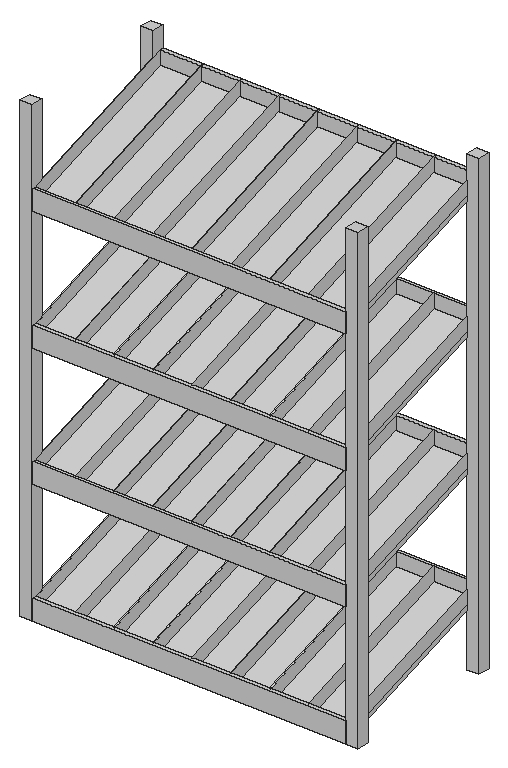
Revit family "WS38", category Specialty Equipment, Revit 2012
Parameters (values of type "Wide Span Gravity Feed (Starter)")
  URL = "http://madixinc.com/store/widespan/core.html"
  Model = "Wide Span"
  Manufacturer = "© 2012 Madix, Inc. All rights reserved."
  Gravity Feed Channels [instance] = yes
  Width = 4' - 0"
  Shelf Depth = 2' - 0"
Reference planes (in)
  plane 1 "Center (Front/Back)": y = 0
  plane 2: z = 0
  plane 3 "Center (Left/Right)": x = 0
  plane 4: x = 23.125
  plane 5: x = -23.125
  plane 6: y = 12
  plane 7: y = -12
  plane 8: x = -23.0625
  plane 9: x = -24.875
  plane 10: x = 24.875
  plane 11: x = -24
  plane 12: x = 24
Forms (in)
  Extrusion 1, solid, material "Metal - Steel"
    sketch origin (0, 0, 0) x (0, 1, 0) y (0, 0, 1)
      loop
        line (-12, 0) -> (-11.25, 0) -> (-11.25, 0.25) -> (11.75, 8.25) -> (11.75, 8) -> (12, 8) -> (12, 11) -> (11.5, 11) -> (11.5, 9) -> (-11.5, 1) -> (-11.5, 3) -> (-12, 3) -> (-12, 0)
    from -23.125 to 23.125
  Extrusion 2, solid, material "Metal - Steel"
    sketch origin (0, 0, 0) x (1, 0, 0) y (0, 1, 0)
      loop
        line (-23.125, 12) -> (-24.875, 12) -> (-24.875, 10.25) -> (-23.125, 10.25) -> (-23.125, 12)
      loop
        line (23.125, 12) -> (23.125, 10.25) -> (24.875, 10.25) -> (24.875, 12) -> (23.125, 12)
      loop
        line (-23.125, -12) -> (-23.125, -10.25) -> (-24.875, -10.25) -> (-24.875, -12) -> (-23.125, -12)
      loop
        line (23.125, -12) -> (24.875, -12) -> (24.875, -10.25) -> (23.125, -10.25) -> (23.125, -12)
    from 0 to 68
  Extrusion 3, solid, material "Metal - Steel"
    sketch origin (0, 0, 18) x (0, 1, 0) y (0, 0, 1)
      loop
        line (-12, 0) -> (-11.5, 0) -> (-11.5, 0.25) -> (11.5, 8.25) -> (11.5, 8) -> (12, 8) -> (12, 11) -> (11.5, 11) -> (11.5, 9) -> (-11.5, 1) -> (-11.5, 3) -> (-12, 3) -> (-12, 0)
    from -23.125 to 23.125
  Extrusion 4, solid, material "Metal - Steel"
    sketch origin (0, 0, 36) x (0, 1, 0) y (0, 0, 1)
      loop
        line (-12, 0) -> (-11.5, 0) -> (-11.5, 0.25) -> (11.5, 8.25) -> (11.5, 8) -> (12, 8) -> (12, 11) -> (11.5, 11) -> (11.5, 9) -> (-11.5, 1) -> (-11.5, 3) -> (-12, 3) -> (-12, 0)
    from -23.125 to 23.125
  Extrusion 5, solid, material "Metal - Steel"
    sketch origin (0, 0, 54) x (0, 1, 0) y (0, 0, 1)
      loop
        line (-12, 0) -> (-11.5, 0) -> (-11.5, 0.25) -> (11.5, 8.25) -> (11.5, 8) -> (12, 8) -> (12, 11) -> (11.5, 11) -> (11.5, 9) -> (-11.5, 1) -> (-11.5, 3) -> (-12, 3) -> (-12, 0)
    from -23.125 to 23.125
  Extrusion 6, solid, material "Metal - Steel", visible <- "Gravity Feed Channels"
    sketch origin (0, 0.25, 0) x (0, 1, 0) y (0, 0, 1)
      loop
        line (11.5, 11) -> (-11.5, 3) -> (-11.5, 1) -> (11.5, 9) -> (11.5, 11)
      loop
        line (11.5, 29) -> (-11.5, 21) -> (-11.5, 19) -> (11.5, 27) -> (11.5, 29)
      loop
        line (11.5, 47) -> (-11.5, 39) -> (-11.5, 37) -> (11.5, 45) -> (11.5, 47)
      loop
        line (11.5, 63) -> (11.5, 65) -> (-11.5, 57) -> (-11.5, 55) -> (11.5, 63)
    from -23.125 to -23.0625
  Extrusion 7, solid, material "Metal - Steel", visible <- "Gravity Feed Channels"
    sketch origin (0, 0, 0) x (0, 1, 0) y (0, 0, -1)
      loop
        line (11.5, -11) -> (11.5, -9) -> (-11.5, -1) -> (-11.5, -3) -> (11.5, -11)
      loop
        line (11.5, -29) -> (11.5, -27) -> (-11.5, -19) -> (-11.5, -21) -> (11.5, -29)
      loop
        line (11.5, -47) -> (11.5, -45) -> (-11.5, -37) -> (-11.5, -39) -> (11.5, -47)
      loop
        line (11.75, -63) -> (-11.25, -55) -> (-11.25, -57) -> (11.75, -65) -> (11.75, -63)
    from -23.125 to -23.0625
  Extrusion 8, solid, material "Metal - Steel", visible <- "Gravity Feed Channels"
    sketch origin (23.125, 0, 0) x (0, 1, 0) y (0, 0, 1)
      loop
        line (11.5, 11) -> (-11.5, 3) -> (-11.5, 1) -> (11.5, 9) -> (11.5, 11)
      loop
        line (11.5, 29) -> (-11.5, 21) -> (-11.5, 19) -> (11.5, 27) -> (11.5, 29)
      loop
        line (11.5, 47) -> (-11.5, 39) -> (-11.5, 37) -> (11.5, 45) -> (11.5, 47)
      loop
        line (11.75, 63) -> (11.75, 65) -> (-11.25, 57) -> (-11.25, 55) -> (11.75, 63)
    from -23.125 to -23.0625
  Extrusion 9, solid, material "Metal - Steel", visible <- "Gravity Feed Channels"
    sketch origin (-11.5625, 0, 0) x (0, 1, 0) y (0, 0, -1)
      loop
        line (11.5, -11) -> (11.5, -9) -> (-11.5, -1) -> (-11.5, -3) -> (11.5, -11)
      loop
        line (11.5, -29) -> (11.5, -27) -> (-11.5, -19) -> (-11.5, -21) -> (11.5, -29)
      loop
        line (11.5, -47) -> (11.5, -45) -> (-11.5, -37) -> (-11.5, -39) -> (11.5, -47)
      loop
        line (11.75, -63) -> (-11.25, -55) -> (-11.25, -57) -> (11.75, -65) -> (11.75, -63)
    from -23.125 to -23.0625
  Extrusion 10, solid, material "Metal - Steel", visible <- "Gravity Feed Channels"
    sketch origin (28.90625, 0, 0) x (0, 1, 0) y (0, 0, 1)
      loop
        line (11.5, 11) -> (-11.5, 3) -> (-11.5, 1) -> (11.5, 9) -> (11.5, 11)
      loop
        line (11.5, 29) -> (-11.5, 21) -> (-11.5, 19) -> (11.5, 27) -> (11.5, 29)
      loop
        line (11.5, 47) -> (-11.5, 39) -> (-11.5, 37) -> (11.5, 45) -> (11.5, 47)
      loop
        line (11.75, 63) -> (11.75, 65) -> (-11.25, 57) -> (-11.25, 55) -> (11.75, 63)
    from -23.125 to -23.0625
  Extrusion 11, solid, material "Metal - Steel", visible <- "Gravity Feed Channels"
    sketch origin (-5.90625, 0, 0) x (0, 1, 0) y (0, 0, -1)
      loop
        line (11.5, -11) -> (11.5, -9) -> (-11.5, -1) -> (-11.5, -3) -> (11.5, -11)
      loop
        line (11.5, -29) -> (11.5, -27) -> (-11.5, -19) -> (-11.5, -21) -> (11.5, -29)
      loop
        line (11.5, -47) -> (11.5, -45) -> (-11.5, -37) -> (-11.5, -39) -> (11.5, -47)
      loop
        line (11.75, -63) -> (-11.25, -55) -> (-11.25, -57) -> (11.75, -65) -> (11.75, -63)
    from -23.125 to -23.0625
  Extrusion 12, solid, material "Metal - Steel", visible <- "Gravity Feed Channels"
    sketch origin (11.6875, 0, 0) x (0, 1, 0) y (0, 0, 1)
      loop
        line (11.5, 11) -> (-11.5, 3) -> (-11.5, 1) -> (11.5, 9) -> (11.5, 11)
      loop
        line (11.5, 29) -> (-11.5, 21) -> (-11.5, 19) -> (11.5, 27) -> (11.5, 29)
      loop
        line (11.5, 47) -> (-11.5, 39) -> (-11.5, 37) -> (11.5, 45) -> (11.5, 47)
      loop
        line (11.75, 63) -> (11.75, 65) -> (-11.25, 57) -> (-11.25, 55) -> (11.75, 63)
    from -23.125 to -23.0625
  Extrusion 13, solid, material "Metal - Steel", visible <- "Gravity Feed Channels"
    sketch origin (-28.78125, 0, 0) x (0, 1, 0) y (0, 0, -1)
      loop
        line (11.5, -11) -> (11.5, -9) -> (-11.5, -1) -> (-11.5, -3) -> (11.5, -11)
      loop
        line (11.5, -29) -> (11.5, -27) -> (-11.5, -19) -> (-11.5, -21) -> (11.5, -29)
      loop
        line (11.5, -47) -> (11.5, -45) -> (-11.5, -37) -> (-11.5, -39) -> (11.5, -47)
      loop
        line (11.75, -63) -> (-11.25, -55) -> (-11.25, -57) -> (11.75, -65) -> (11.75, -63)
    from -23.125 to -23.0625
  Extrusion 14, solid, material "Metal - Steel", visible <- "Gravity Feed Channels"
    sketch origin (6.03125, 0, 0) x (0, 1, 0) y (0, 0, 1)
      loop
        line (11.5, 11) -> (-11.5, 3) -> (-11.5, 1) -> (11.5, 9) -> (11.5, 11)
      loop
        line (11.5, 29) -> (-11.5, 21) -> (-11.5, 19) -> (11.5, 27) -> (11.5, 29)
      loop
        line (11.5, 47) -> (-11.5, 39) -> (-11.5, 37) -> (11.5, 45) -> (11.5, 47)
      loop
        line (11.75, 63) -> (11.75, 65) -> (-11.25, 57) -> (-11.25, 55) -> (11.75, 63)
    from -23.125 to -23.0625
Dimensions and locks (in)
  equal spacing: plane 6, plane 1 "Center (Front/Back)", plane 7
  "Shelf Depth": plane 6 to plane 7
  plane 9 to plane 11 to plane 5 = 0' - 0 7/8" locked, 0' - 0 7/8" locked
  plane 4 to plane 12 to plane 10 = 0' - 0 7/8" locked, 0' - 0 7/8" locked
  equal spacing: plane 11, plane 3 "Center (Left/Right)", plane 12
  "Width": plane 11 to plane 12
  aligned and locked: level to plane 2
  aligned and locked: plane 4 to Extrusion 1
  aligned and locked: plane 5 to Extrusion 1
  aligned and locked: plane 6 to Extrusion 1
  aligned and locked: plane 7 to Extrusion 1
  aligned and locked: plane 6 to Extrusion 3
  aligned and locked: plane 7 to Extrusion 3
  aligned and locked: plane 4 to Extrusion 3
  aligned and locked: plane 5 to Extrusion 3
  aligned and locked: plane 6 to Extrusion 4
  aligned and locked: plane 4 to Extrusion 4
  aligned and locked: plane 7 to Extrusion 4
  aligned and locked: plane 5 to Extrusion 4
  aligned and locked: plane 6 to Extrusion 5
  aligned and locked: plane 4 to Extrusion 5
  aligned and locked: plane 7 to Extrusion 5
  aligned and locked: plane 5 to Extrusion 5
  aligned and locked: Extrusion 6 to Extrusion 1  (x2)
  aligned and locked: Extrusion 14 to Extrusion 1  (x2)
  aligned and locked: Extrusion 12 to Extrusion 1  (x2)
  aligned and locked: Extrusion 13 to Extrusion 1  (x2)
  aligned and locked: Extrusion 8 to Extrusion 1  (x2)
  aligned and locked: Extrusion 10 to Extrusion 1  (x2)
  aligned and locked: Extrusion 9 to Extrusion 1  (x2)
  aligned and locked: Extrusion 11 to Extrusion 1  (x2)
  aligned and locked: Extrusion 7 to Extrusion 1  (x2)
  aligned and locked: plane 9 to Extrusion 2
  aligned and locked: plane 10 to Extrusion 2
Automatic sketch dimensions
  Extrusion 1 sketch curve to level = 0' - 0"
  Extrusion 1 sketch curve to plane 7 = 0' - 0"
  Extrusion 1 sketch curve to plane 6 = 0' - 0"
  Extrusion 1 sketch curve to Extrusion 1 sketch curve = 0' - 0 1/2"  (x2)
  Extrusion 1 sketch curve to Extrusion 1 sketch curve = 0' - 0 3/4"  (x3)
  Extrusion 1 sketch curve to Extrusion 1 sketch curve = 0' - 0 1/4"  (x2)
  level to Extrusion 1 sketch curve = 0' - 0 1/4"
  Extrusion 1 sketch curve to Extrusion 1 sketch curve = 0' - 2"  (x2)
  level to Extrusion 1 sketch curve = 0' - 8"
  Extrusion 2 sketch curve to plane 6 = 0' - 0"  (x2)
  plane 7 to Extrusion 2 sketch curve = 0' - 0"  (x2)
  Extrusion 2 sketch curve to plane 5 = 0' - 0"  (x2)
  Extrusion 2 sketch curve to plane 4 = 0' - 0"  (x2)
  Extrusion 2 sketch curve to Extrusion 2 sketch curve = 0' - 1 3/4"  (x3)
  plane 5 to Extrusion 2 sketch curve = 0' - 1 3/4"
  plane 4 to Extrusion 2 sketch curve = 0' - 1 3/4"
  Extrusion 2 sketch curve to plane 7 = 0' - 1 3/4"  (x2)
  Extrusion 2 sketch curve to plane 6 = 0' - 1 3/4"
  Extrusion 3 sketch curve to plane 7 = 0' - 0"
  Extrusion 3 sketch curve to plane 6 = 0' - 0"
  Extrusion 3 sketch curve to Extrusion 3 sketch curve = 0' - 0 1/2"  (x4)
  level to Extrusion 3 sketch curve = 1' - 6"
  Extrusion 3 sketch curve to Extrusion 3 sketch curve = 0' - 0 1/4"  (x2)
  Extrusion 3 sketch curve to Extrusion 3 sketch curve = 0' - 0 3/4"  (x2)
  Extrusion 3 sketch curve to Extrusion 3 sketch curve = 0' - 2"  (x2)
  level to Extrusion 3 sketch curve = 2' - 2"
  Extrusion 4 sketch curve to plane 7 = 0' - 0"
  Extrusion 4 sketch curve to plane 6 = 0' - 0"
  Extrusion 4 sketch curve to Extrusion 4 sketch curve = 0' - 0 1/2"  (x2)
  Extrusion 4 sketch curve to plane 6 = 0' - 0 1/2"  (x2)
  level to Extrusion 4 sketch curve = 3' - 0"
  Extrusion 4 sketch curve to Extrusion 4 sketch curve = 0' - 0 1/4"  (x2)
  Extrusion 4 sketch curve to Extrusion 4 sketch curve = 0' - 0 3/4"  (x2)
  Extrusion 4 sketch curve to Extrusion 4 sketch curve = 0' - 2"  (x2)
  level to Extrusion 4 sketch curve = 3' - 8"
  Extrusion 5 sketch curve to plane 7 = 0' - 0"
  Extrusion 5 sketch curve to plane 6 = 0' - 0"
  Extrusion 5 sketch curve to plane 7 = 0' - 0 1/2"  (x2)
  Extrusion 5 sketch curve to Extrusion 5 sketch curve = 0' - 0 1/2"  (x2)
  level to Extrusion 5 sketch curve = 4' - 6"
  Extrusion 5 sketch curve to Extrusion 5 sketch curve = 0' - 0 1/4"  (x2)
  Extrusion 5 sketch curve to Extrusion 5 sketch curve = 0' - 0 3/4"  (x2)
  Extrusion 5 sketch curve to Extrusion 5 sketch curve = 0' - 2"  (x2)
  Extrusion 5 sketch curve to Extrusion 5 sketch curve = 0' - 5"
  Extrusion 6 sketch curve to plane 7 = 0' - 0 3/4"  (x4)
  Extrusion 6 sketch curve to plane 6 = 0' - 0 1/4"  (x4)
  level to Extrusion 6 sketch curve = 0' - 1"
  Extrusion 6 sketch curve to Extrusion 6 sketch curve = 0' - 2"  (x8)
  level to Extrusion 6 sketch curve = 0' - 9"
  Extrusion 6 sketch curve to Extrusion 6 sketch curve = 1' - 4"  (x6)
  Extrusion 7 sketch curve to plane 7 = 0' - 0 3/4"
  Extrusion 7 sketch curve to plane 7 = 0' - 0 1/2"  (x3)
  Extrusion 7 sketch curve to plane 6 = 0' - 0 1/2"  (x3)
  Extrusion 7 sketch curve to plane 6 = 0' - 0 1/4"
  level to Extrusion 7 sketch curve = 5' - 5"
  Extrusion 7 sketch curve to Extrusion 7 sketch curve = 0' - 2"  (x7)
  Extrusion 7 sketch curve to Extrusion 7 sketch curve = 0' - 6"
  Extrusion 7 sketch curve to Extrusion 7 sketch curve = 1' - 4"  (x4)
  level to Extrusion 7 sketch curve = 0' - 11"
  level to Extrusion 7 sketch curve = 0' - 3"
  level to Extrusion 7 sketch curve = 0' - 1"
  Extrusion 8 sketch curve to plane 7 = 0' - 0 3/4"
  Extrusion 8 sketch curve to plane 7 = 0' - 0 1/2"  (x3)
  Extrusion 8 sketch curve to plane 6 = 0' - 0 1/2"  (x3)
  Extrusion 8 sketch curve to plane 6 = 0' - 0 1/4"
  level to Extrusion 8 sketch curve = 0' - 1"
  Extrusion 8 sketch curve to Extrusion 8 sketch curve = 0' - 2"  (x8)
  level to Extrusion 8 sketch curve = 0' - 9"
  Extrusion 8 sketch curve to Extrusion 8 sketch curve = 1' - 4"  (x6)
  Extrusion 9 sketch curve to plane 7 = 0' - 0 3/4"
  Extrusion 9 sketch curve to plane 7 = 0' - 0 1/2"  (x3)
  Extrusion 9 sketch curve to plane 6 = 0' - 0 1/2"  (x3)
  Extrusion 9 sketch curve to plane 6 = 0' - 0 1/4"
  level to Extrusion 9 sketch curve = 5' - 5"
  Extrusion 9 sketch curve to Extrusion 9 sketch curve = 0' - 2"  (x7)
  Extrusion 9 sketch curve to Extrusion 9 sketch curve = 0' - 6"
  Extrusion 9 sketch curve to Extrusion 9 sketch curve = 1' - 4"  (x4)
  level to Extrusion 9 sketch curve = 0' - 11"
  level to Extrusion 9 sketch curve = 0' - 3"
  level to Extrusion 9 sketch curve = 0' - 1"
  Extrusion 10 sketch curve to plane 7 = 0' - 0 3/4"
  Extrusion 10 sketch curve to plane 7 = 0' - 0 1/2"  (x3)
  Extrusion 10 sketch curve to plane 6 = 0' - 0 1/2"  (x3)
  Extrusion 10 sketch curve to plane 6 = 0' - 0 1/4"
  level to Extrusion 10 sketch curve = 0' - 1"
  Extrusion 10 sketch curve to Extrusion 10 sketch curve = 0' - 2"  (x8)
  level to Extrusion 10 sketch curve = 0' - 9"
  Extrusion 10 sketch curve to Extrusion 10 sketch curve = 1' - 4"  (x6)
  Extrusion 11 sketch curve to plane 7 = 0' - 0 3/4"
  Extrusion 11 sketch curve to plane 7 = 0' - 0 1/2"  (x3)
  Extrusion 11 sketch curve to plane 6 = 0' - 0 1/2"  (x3)
  Extrusion 11 sketch curve to plane 6 = 0' - 0 1/4"
  level to Extrusion 11 sketch curve = 5' - 5"
  Extrusion 11 sketch curve to Extrusion 11 sketch curve = 0' - 2"  (x7)
  Extrusion 11 sketch curve to Extrusion 11 sketch curve = 0' - 6"
  Extrusion 11 sketch curve to Extrusion 11 sketch curve = 1' - 4"  (x4)
  level to Extrusion 11 sketch curve = 0' - 11"
  level to Extrusion 11 sketch curve = 0' - 3"
  level to Extrusion 11 sketch curve = 0' - 1"
  Extrusion 12 sketch curve to plane 7 = 0' - 0 3/4"
  Extrusion 12 sketch curve to plane 7 = 0' - 0 1/2"  (x3)
  Extrusion 12 sketch curve to plane 6 = 0' - 0 1/2"  (x3)
  Extrusion 12 sketch curve to plane 6 = 0' - 0 1/4"
  level to Extrusion 12 sketch curve = 0' - 1"
  Extrusion 12 sketch curve to Extrusion 12 sketch curve = 0' - 2"  (x8)
  level to Extrusion 12 sketch curve = 0' - 9"
  Extrusion 12 sketch curve to Extrusion 12 sketch curve = 1' - 4"  (x6)
  Extrusion 13 sketch curve to plane 7 = 0' - 0 3/4"
  Extrusion 13 sketch curve to plane 7 = 0' - 0 1/2"  (x3)
  Extrusion 13 sketch curve to plane 6 = 0' - 0 1/2"  (x3)
  Extrusion 13 sketch curve to plane 6 = 0' - 0 1/4"
  level to Extrusion 13 sketch curve = 5' - 5"
  Extrusion 13 sketch curve to Extrusion 13 sketch curve = 0' - 2"  (x7)
  Extrusion 13 sketch curve to Extrusion 13 sketch curve = 0' - 6"
  Extrusion 13 sketch curve to Extrusion 13 sketch curve = 1' - 4"  (x4)
  level to Extrusion 13 sketch curve = 0' - 11"
  level to Extrusion 13 sketch curve = 0' - 3"
  level to Extrusion 13 sketch curve = 0' - 1"
  Extrusion 14 sketch curve to plane 7 = 0' - 0 3/4"
  Extrusion 14 sketch curve to plane 7 = 0' - 0 1/2"  (x3)
  Extrusion 14 sketch curve to plane 6 = 0' - 0 1/2"  (x3)
  Extrusion 14 sketch curve to plane 6 = 0' - 0 1/4"
  level to Extrusion 14 sketch curve = 0' - 1"
  Extrusion 14 sketch curve to Extrusion 14 sketch curve = 0' - 2"  (x8)
  level to Extrusion 14 sketch curve = 0' - 9"
  Extrusion 14 sketch curve to Extrusion 14 sketch curve = 1' - 4"  (x6)
